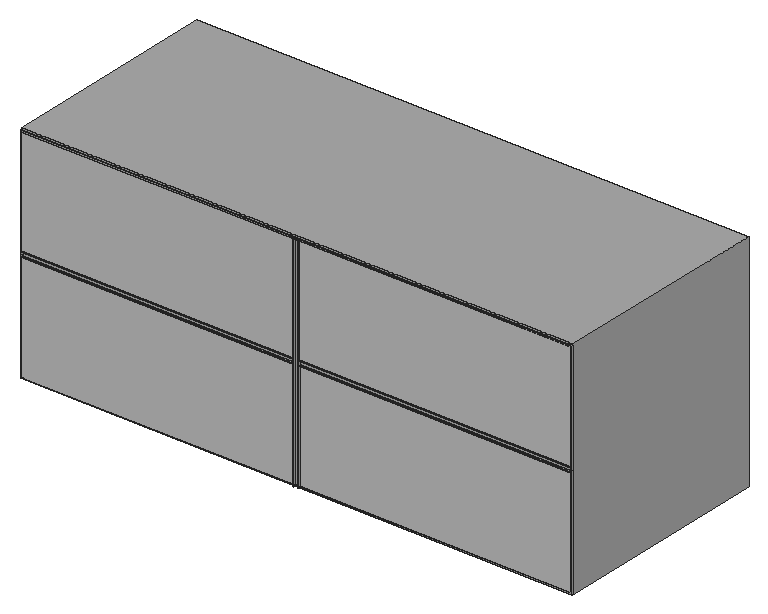
Revit family "vanity unit-hansgrohe-54238XXX-Xevolos E Vanity unit Slate Matt Grey 1370_550 with 4 drawers for consoles with countertop basin ground left", category Furniture, Revit 2019 (continued)
Types (6, lengths in mm): name | SURFACE | NB | Model | MIdent | LODLEVEL | LINA | IDNR | ARTNR | 54238770-SLATE_MATT_GREY-METALLIC_SLATE_GREY-400_RX0RY0RZ0TX0TY0TZ0_V | 54238770-SLATE_MATT_GREY-METALLIC_SLATE_GREY-200_RX0RY0RZ0TX0TY0TZ0_V | 54238730-SLATE_MATT_GREY-DARK_OAK-400_RX0RY0RZ0TX0TY0TZ0_V | 54238730-SLATE_MATT_GREY-DARK_OAK-200_RX0RY0RZ0TX0TY0TZ0_V | 54238390-SLATE_MATT_GREY-PATTEREND_BRONZE-400_RX0RY0RZ0TX0TY0TZ0_V | 54238390-SLATE_MATT_GREY-PATTEREND_BRONZE-200_RX0RY0RZ0TX0TY0TZ0_V
  54238730-SLATE_MATT_GREY-DARK_OAK-200 | "DARK_OAK" | "54238730-SLATE_MATT_GREY-DARK_OAK-200" | "54238730-SLATE_MATT_GREY-DARK_OAK-200" | "{$CADENAS_DATA/23d-libs/hansgrohe/xevolos_furniture/e_vanity_unit_4drawers_consoles_countertop_basin/vanity_unit_4drawers_consoles_countertop_basin.prj},284 {VTYP=3D},{NB=54238730-SLATE_MATT_GREY-DARK_OAK-200},{LINA=54238730-SLATE_MATT_GREY-DARK_OAK-200},{NN=Vanity unit with 4 drawers for consoles with countertop basin ground},{DATE=13.03.2023 11:56:00},{GEOMDATE=12.03.2023 06:43:00},{VERSION=},{LINEID=80},{WBVAR=LODLEVEL},{WBNUMERIC=}  {NB=54238730-SLATE_MATT_GREY-DARK_OAK-200},{LINA=54238730-SLATE_MATT_GREY-DARK_OAK-200},{KT=DUMMY},{IDNR=8},{ARTNR=54238730},{BASENUMBER=54238},{MODEL=54238XXX},{OBERFLAECHE=SLATE_MATT_GREY},{SURFACE=DARK_OAK},{L=1370},{CTP=L},{LODLEVEL=200},{LODLEVELX='400','400','200','200'},{NAME=Xevolos E Vanity unit Slate Matt Grey 1370/550 with 4 drawers for consoles with countertop basin ground left},{PERMALINK=54238XXX},{OBJECTTYPE=Object (single object)},{BIMOBJECT=Sanitary: Compound units},{COLLECTIONSET=Xevolos E},{COLLECTION=vanity unit},{WEIGHT=80.8},{DESCRIPTION=Xevolos E Vanity unit Slate Matt Grey 1370/550 with 4 drawers for consoles with countertop basin ground left},{PRODUCTURL=https://pro.hansgrohe.com/articledetail--54238390},{GTINCODE=0},{TENDERURL=0},{IFC=Furnishing element},{ETIM=EC011381 | Bathroom furniture set},{UNICLASS2015=Pr_40_30_78_05 | Bathroom furniture},{OMNICLASS=23-21 19 15 33 13 | Residential Bathroom Specialty Casework},{MASTERFORMAT=12 35 30.23 | Bathroom Casework},{UNSPSC=56 | Furniture and Furnishings},{UNIFORMATII=E2010 | Fixed Furnishings},{REGION=Worldwide},{DESIGN=Germany},{MANUFACTURER=Germany}" | "200" | "54238730-SLATE_MATT_GREY-DARK_OAK-200" | 8 | "54238730" | no | no | no | yes | no | no
  54238730-SLATE_MATT_GREY-DARK_OAK-400 | "DARK_OAK" | "54238730-SLATE_MATT_GREY-DARK_OAK-400" | "54238730-SLATE_MATT_GREY-DARK_OAK-400" | "{$CADENAS_DATA/23d-libs/hansgrohe/xevolos_furniture/e_vanity_unit_4drawers_consoles_countertop_basin/vanity_unit_4drawers_consoles_countertop_basin.prj},284 {VTYP=3D},{NB=54238730-SLATE_MATT_GREY-DARK_OAK-400},{LINA=54238730-SLATE_MATT_GREY-DARK_OAK-400},{NN=Vanity unit with 4 drawers for consoles with countertop basin ground},{DATE=13.03.2023 11:56:00},{GEOMDATE=12.03.2023 06:43:00},{VERSION=},{LINEID=80},{WBVAR=LODLEVEL},{WBNUMERIC=}  {NB=54238730-SLATE_MATT_GREY-DARK_OAK-400},{LINA=54238730-SLATE_MATT_GREY-DARK_OAK-400},{KT=DUMMY},{IDNR=8},{ARTNR=54238730},{BASENUMBER=54238},{MODEL=54238XXX},{OBERFLAECHE=SLATE_MATT_GREY},{SURFACE=DARK_OAK},{L=1370},{CTP=L},{LODLEVEL=400},{LODLEVELX='400','400','200','200'},{NAME=Xevolos E Vanity unit Slate Matt Grey 1370/550 with 4 drawers for consoles with countertop basin ground left},{PERMALINK=54238XXX},{OBJECTTYPE=Object (single object)},{BIMOBJECT=Sanitary: Compound units},{COLLECTIONSET=Xevolos E},{COLLECTION=vanity unit},{WEIGHT=80.8},{DESCRIPTION=Xevolos E Vanity unit Slate Matt Grey 1370/550 with 4 drawers for consoles with countertop basin ground left},{PRODUCTURL=https://pro.hansgrohe.com/articledetail--54238390},{GTINCODE=0},{TENDERURL=0},{IFC=Furnishing element},{ETIM=EC011381 | Bathroom furniture set},{UNICLASS2015=Pr_40_30_78_05 | Bathroom furniture},{OMNICLASS=23-21 19 15 33 13 | Residential Bathroom Specialty Casework},{MASTERFORMAT=12 35 30.23 | Bathroom Casework},{UNSPSC=56 | Furniture and Furnishings},{UNIFORMATII=E2010 | Fixed Furnishings},{REGION=Worldwide},{DESIGN=Germany},{MANUFACTURER=Germany}" | "400" | "54238730-SLATE_MATT_GREY-DARK_OAK-400" | 8 | "54238730" | no | no | yes | no | no | no
  54238770-SLATE_MATT_GREY-METALLIC_SLATE_GREY-200 | "METALLIC_SLATE_GREY" | "54238770-SLATE_MATT_GREY-METALLIC_SLATE_GREY-200" | "54238770-SLATE_MATT_GREY-METALLIC_SLATE_GREY-200" | "{$CADENAS_DATA/23d-libs/hansgrohe/xevolos_furniture/e_vanity_unit_4drawers_consoles_countertop_basin/vanity_unit_4drawers_consoles_countertop_basin.prj},306 {VTYP=3D},{NB=54238770-SLATE_MATT_GREY-METALLIC_SLATE_GREY-200},{LINA=54238770-SLATE_MATT_GREY-METALLIC_SLATE_GREY-200},{NN=Vanity unit with 4 drawers for consoles with countertop basin ground},{DATE=13.03.2023 11:56:00},{GEOMDATE=12.03.2023 06:43:00},{VERSION=},{LINEID=90},{WBVAR=LODLEVEL},{WBNUMERIC=}  {NB=54238770-SLATE_MATT_GREY-METALLIC_SLATE_GREY-200},{LINA=54238770-SLATE_MATT_GREY-METALLIC_SLATE_GREY-200},{KT=DUMMY},{IDNR=9},{ARTNR=54238770},{BASENUMBER=54238},{MODEL=54238XXX},{OBERFLAECHE=SLATE_MATT_GREY},{SURFACE=METALLIC_SLATE_GREY},{L=1370},{CTP=L},{LODLEVEL=200},{LODLEVELX='400','400','200','200'},{NAME=Xevolos E Vanity unit Slate Matt Grey 1370/550 with 4 drawers for consoles with countertop basin ground left},{PERMALINK=54238XXX},{OBJECTTYPE=Object (single object)},{BIMOBJECT=Sanitary: Compound units},{COLLECTIONSET=Xevolos E},{COLLECTION=vanity unit},{WEIGHT=80.8},{DESCRIPTION=Xevolos E Vanity unit Slate Matt Grey 1370/550 with 4 drawers for consoles with countertop basin ground left},{PRODUCTURL=https://pro.hansgrohe.com/articledetail--54238390},{GTINCODE=0},{TENDERURL=0},{IFC=Furnishing element},{ETIM=EC011381 | Bathroom furniture set},{UNICLASS2015=Pr_40_30_78_05 | Bathroom furniture},{OMNICLASS=23-21 19 15 33 13 | Residential Bathroom Specialty Casework},{MASTERFORMAT=12 35 30.23 | Bathroom Casework},{UNSPSC=56 | Furniture and Furnishings},{UNIFORMATII=E2010 | Fixed Furnishings},{REGION=Worldwide},{DESIGN=Germany},{MANUFACTURER=Germany}" | "200" | "54238770-SLATE_MATT_GREY-METALLIC_SLATE_GREY-200" | 9 | "54238770" | no | yes | no | no | no | no
  54238770-SLATE_MATT_GREY-METALLIC_SLATE_GREY-400 | "METALLIC_SLATE_GREY" | "54238770-SLATE_MATT_GREY-METALLIC_SLATE_GREY-400" | "54238770-SLATE_MATT_GREY-METALLIC_SLATE_GREY-400" | "{$CADENAS_DATA/23d-libs/hansgrohe/xevolos_furniture/e_vanity_unit_4drawers_consoles_countertop_basin/vanity_unit_4drawers_consoles_countertop_basin.prj},306 {VTYP=3D},{NB=54238770-SLATE_MATT_GREY-METALLIC_SLATE_GREY-400},{LINA=54238770-SLATE_MATT_GREY-METALLIC_SLATE_GREY-400},{NN=Vanity unit with 4 drawers for consoles with countertop basin ground},{DATE=13.03.2023 11:56:00},{GEOMDATE=12.03.2023 06:43:00},{VERSION=},{LINEID=90},{WBVAR=LODLEVEL},{WBNUMERIC=}  {NB=54238770-SLATE_MATT_GREY-METALLIC_SLATE_GREY-400},{LINA=54238770-SLATE_MATT_GREY-METALLIC_SLATE_GREY-400},{KT=DUMMY},{IDNR=9},{ARTNR=54238770},{BASENUMBER=54238},{MODEL=54238XXX},{OBERFLAECHE=SLATE_MATT_GREY},{SURFACE=METALLIC_SLATE_GREY},{L=1370},{CTP=L},{LODLEVEL=400},{LODLEVELX='400','400','200','200'},{NAME=Xevolos E Vanity unit Slate Matt Grey 1370/550 with 4 drawers for consoles with countertop basin ground left},{PERMALINK=54238XXX},{OBJECTTYPE=Object (single object)},{BIMOBJECT=Sanitary: Compound units},{COLLECTIONSET=Xevolos E},{COLLECTION=vanity unit},{WEIGHT=80.8},{DESCRIPTION=Xevolos E Vanity unit Slate Matt Grey 1370/550 with 4 drawers for consoles with countertop basin ground left},{PRODUCTURL=https://pro.hansgrohe.com/articledetail--54238390},{GTINCODE=0},{TENDERURL=0},{IFC=Furnishing element},{ETIM=EC011381 | Bathroom furniture set},{UNICLASS2015=Pr_40_30_78_05 | Bathroom furniture},{OMNICLASS=23-21 19 15 33 13 | Residential Bathroom Specialty Casework},{MASTERFORMAT=12 35 30.23 | Bathroom Casework},{UNSPSC=56 | Furniture and Furnishings},{UNIFORMATII=E2010 | Fixed Furnishings},{REGION=Worldwide},{DESIGN=Germany},{MANUFACTURER=Germany}" | "400" | "54238770-SLATE_MATT_GREY-METALLIC_SLATE_GREY-400" | 9 | "54238770" | yes | no | no | no | no | no
